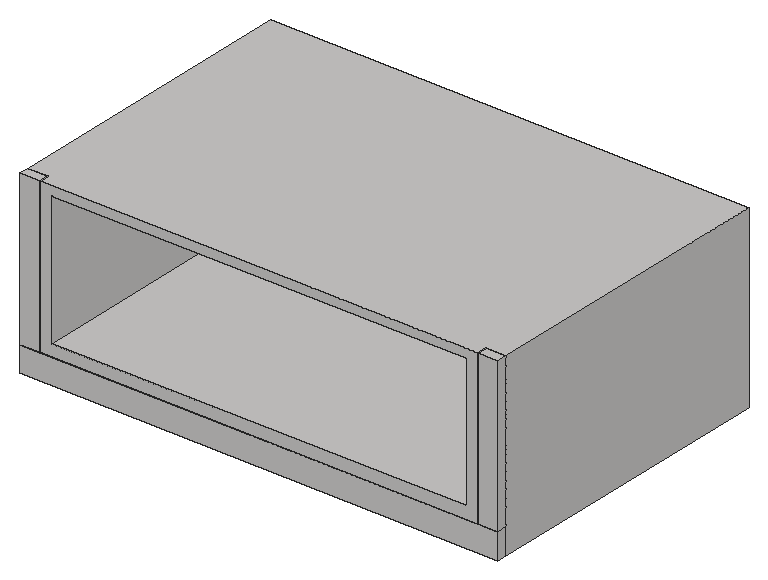
Revit family "QF_ELECTROLUXPROFESSIONAL_588639_MB1MCAKOOO", category Attrezzature speciali, Revit 2020
Family settings
  Quota connettore circolare = Usa diametro
  Tipo di parte = Normale
  Basato su piano di lavoro = No
  Sempre verticale = Sì
  Taglio con vuoti quando caricato = No
  Condiviso = No
  Punto di calcolo locali = No
Parameters (values of type "Standard")
  Weight = 25.00 kg
  Watts = 0 W
  Volts = 0 V
  URL Manufacturer = "https://www.electroluxprofessional.com/"
  URL = "https://www.electroluxprofessional.com/"
  Steam Supply Size = 0"
  Steam Supply Minimum Pressure = 0.00 psi
  Steam Supply Maximum Pressure = 0.00 psi
  Steam Consumption per Hour = 0
  Refrigeration Suction Line Size = 0 mm
  Refrigeration Liquid Line Size = 0 mm
  Refrigerant Compressor Remote = yes
  Prospetto di default = 0 mm
  Phase = 0
  Modello = "MB1MCAKOOO"
  Produttore = "Electrolux Professional"
  Length Actual = 1200 mm  # constant formula
  Item Number = "588639"
  Hot Water Size = 0"
  Height Actual = 450 mm  # constant formula
  HP = "0 HP"
  Gas Size = 0"
  Gas KW = 0
  Gas Input Pressure = 0.0 Btu/h
  Direct Waste Size = 0"
  Descrizione = "OPEN BASE,1-SIDE,1200X850X450H"
  Depth Actual = 850 mm  # constant formula
  Cycle = 0 Hz
  Condensate Return Size = 0"
  Compressed Air Volume = 0 GPM
  Compressed Air Size = 0"
  Compressed Air Pressure = 0.00 psi
  Cold Water Size = 0"
  Accessory = yes
Reference planes
  plane 1 "BACK": y = 0
  plane 2: z = 0
  plane 3 "LEFT": x = 0
  plane 4 "RIGHT": x = 1200
  plane 5 "FRONT": y = -850
  plane 6 "PLAIN": z = 900
  plane 7 "Center (Left/Right)": x = 600
  plane 8 "Center (Front/Back)": y = -425
  plane 9 "TOP": z = 650
  plane 10 "BASE": z = 200
  plane 11: x = 1122
  plane 12: x = 78
  plane 13 "Feet_back": y = -150
  plane 14 "Feet_Front": y = -720
  plane 15: x = 50
  plane 16: x = 1150
  plane 17: z = 265
  plane 18: y = -45
  plane 19: y = -805
  plane 20: y = -70
  plane 21: y = -830
Forms (mm)
  Extrusion 1, solid, material "QF_Finishes_Stainless Steel"
    sketch origin (0, 0, 650) x (0, 1, 0) y (0, 0, 1)
      loop
        line (-45, -450) -> (-45, 0) -> (-805, 0) -> (-805, -450) -> (-45, -450)
    from 0 to 1200
  Extrusion 2, solid, material "QF_Finishes_Stainless Steel"
    sketch origin (0, 0, 650) x (0, 1, 0) y (0, 0, 1)
      loop
        line (-830, -450) -> (-805, -450) -> (-805, -385) -> (-830, -385) -> (-830, -450)
    from 0 to 1200
  Extrusion 3, void
    sketch origin (0, -850, 0) x (1, 0, 0) y (0, 0, 1)
      loop
        line (50, 650) -> (50, 265) -> (1150, 265) -> (1150, 650) -> (50, 650)
    from 0 to -780
  Extrusion 4, solid, material "QF_Finishes_Stainless Steel"
    sketch origin (0, -850, 0) x (1, 0, 0) y (0, 0, 1)
      loop
        line (80, 650) -> (80, 627) -> (1120, 627) -> (1120, 650) -> (80, 650)
    from -20 to -805
  Extrusion 5, solid, material "QF_Finishes_Stainless Steel"
    sketch origin (0, -850, 0) x (1, 0, 0) y (0, 0, 1)
      loop
        line (50, 650) -> (50, 265) -> (1150, 265) -> (1150, 650) -> (1120, 650) -> (1120, 295) -> (80, 295) -> (80, 650) -> (50, 650)
    from -20 to -780
  Extrusion 6, solid, material "QF_Finishes_Stainless Steel"
    sketch origin (0, -850, 0) x (1, 0, 0) y (0, 0, 1)
      loop
        line (0, 650) -> (0, 265) -> (50, 265) -> (50, 650) -> (0, 650)
    from -20 to -45
  Extrusion 7, solid, material "QF_Finishes_Stainless Steel"
    sketch origin (0, -850, 0) x (1, 0, 0) y (0, 0, 1)
      loop
        line (1150, 650) -> (1150, 265) -> (1200, 265) -> (1200, 650) -> (1150, 650)
    from -20 to -45
Cuts and joins
  Extrusion 3 cuts Extrusion 1
  joined: Extrusion 1, Extrusion 4, Extrusion 5
Lines and regions (mm)
  symbolic lines, style "SpecialityEquipmentHiddenLines"
    curve 1: line (0, 0, 0) -> (1200, 0, 0)
    curve 2: line (0, -850, 0) -> (0, 0, 0)
    curve 3: line (1200, -850, 0) -> (0, -850, 0)
    curve 4: line (1200, 0, 0) -> (1200, -850, 0)
Dimensions and locks
  plane 3 "LEFT" to plane 4 "RIGHT" = 1200 mm
  plane 5 "FRONT" to plane 1 "BACK" = 850 mm
  equal spacing: plane 3 "LEFT", plane 7 "Center (Left/Right)", plane 4 "RIGHT"
  equal spacing: plane 5 "FRONT", plane 8 "Center (Front/Back)", plane 1 "BACK"
  plane 6 "PLAIN" to plane 9 "TOP" = 250 mm
  plane 10 "BASE" to level = 200 mm
  plane 9 "TOP" to plane 10 "BASE" = 450 mm
  locked: plane 1 "BACK" to plane 13 "Feet_back" at 150
  locked: plane 14 "Feet_Front" to plane 5 "FRONT" at 130
  locked: plane 12 to plane 3 "LEFT" at 78
  locked: plane 11 to plane 4 "RIGHT" at 78
  plane 16 to plane 15 = 1100 mm
  equal spacing: plane 16, plane 7 "Center (Left/Right)", plane 15
  locked: plane 17 to plane 10 "BASE" at 65
  locked: plane 1 "BACK" to plane 18 at 45
  plane 9 "TOP" to Extrusion 4 sketch curve = 23 mm
  locked: Extrusion 4 sketch curve to plane 15 at 30
  locked: plane 16 to Extrusion 4 sketch curve at 30
  locked: Extrusion 5 sketch curve to plane 17 at 30
  plane 6 "PLAIN" to level = 900 mm
  Extrusion 5 to Extrusion 5 = 1040 mm
  locked: plane 18 to plane 20 at 25
  locked: plane 21 to plane 5 "FRONT" at 20
  locked: plane 19 to plane 21 at 25
  plane 18 to plane 21 = 785 mm
  aligned and locked: level to plane 2
  aligned and locked: Extrusion 1 to plane 4 "RIGHT"
  aligned and locked: Extrusion 1 to plane 3 "LEFT"
  aligned and locked: Extrusion 2 to plane 4 "RIGHT"
  aligned and locked: plane 9 "TOP" to Extrusion 3 sketch curve
  aligned and locked: Extrusion 3 sketch curve to plane 15
  aligned and locked: plane 16 to Extrusion 3 sketch curve
  aligned and locked: Extrusion 2 to plane 10 "BASE"
  aligned and locked: Extrusion 2 to plane 17
  aligned and locked: plane 17 to Extrusion 3 sketch curve
  aligned and locked: Extrusion 4 to plane 18
  aligned and locked: Extrusion 5 sketch curve to plane 15
  aligned and locked: plane 16 to Extrusion 5 sketch curve
  aligned and locked: plane 9 "TOP" to Extrusion 5 sketch curve  (x2)
  aligned and locked: plane 17 to Extrusion 5 sketch curve
  aligned and locked: Extrusion 5 sketch curve to Extrusion 4  (x2)
  aligned and locked: Extrusion 6 sketch curve to plane 9 "TOP"
  aligned and locked: plane 3 "LEFT" to Extrusion 6 sketch curve
  aligned and locked: Extrusion 6 sketch curve to plane 17
  aligned and locked: Extrusion 6 sketch curve to plane 15
  aligned and locked: Extrusion 7 sketch curve to plane 9 "TOP"
  aligned and locked: plane 16 to Extrusion 7 sketch curve
  aligned and locked: Extrusion 7 sketch curve to plane 17
  aligned and locked: plane 4 "RIGHT" to Extrusion 7 sketch curve
  aligned and locked: Extrusion 5 to plane 20
  aligned and locked: cut or joined group of Extrusion 1, Extrusion 3, Extrusion 4, Extrusion 5 to plane 20
  aligned and locked: cut or joined group of Extrusion 1, Extrusion 3, Extrusion 4, Extrusion 5 to plane 18
  aligned and locked: Extrusion 6 to plane 19
  aligned and locked: plane 21 to Extrusion 6
  aligned and locked: plane 21 to Extrusion 5
  aligned and locked: plane 21 to Extrusion 7
  aligned and locked: Extrusion 7 to plane 19
  aligned and locked: Extrusion 2 to plane 19
  aligned and locked: plane 21 to Extrusion 2
  aligned and locked: plane 21 to cut or joined group of Extrusion 1, Extrusion 3, Extrusion 4, Extrusion 5
Automatic sketch dimensions
  Extrusion 1 sketch curve to plane 10 "BASE" = 0 mm
  Extrusion 1 sketch curve to plane 9 "TOP" = 0 mm
  plane 1 "BACK" to Extrusion 1 sketch curve = 45 mm
  Extrusion 1 sketch curve to plane 5 "FRONT" = 45 mm
  Extrusion 2 sketch curve to plane 5 "FRONT" = 20 mm
  Extrusion 2 sketch curve to plane 9 "TOP" = 385 mm
  plane 10 "BASE" to Extrusion 2 sketch curve = 0 mm
  Extrusion 2 sketch curve to plane 5 "FRONT" = 45 mm
  Extrusion 4 sketch curve to plane 9 "TOP" = 0 mm
  curve 3 to plane 3 "LEFT" = 0 mm
  curve 3 to plane 4 "RIGHT" = 0 mm
  plane 5 "FRONT" to curve 3 = 0 mm
  plane 1 "BACK" to curve 2 = 0 mm
